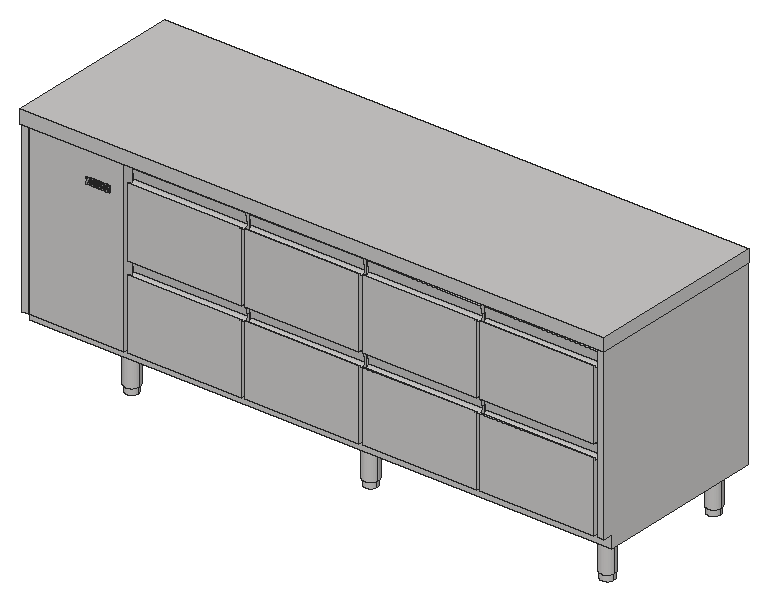
Revit family "QF_ZANUSSI_111063_ZH4HBBBBB", category Specialty Equipment, Revit 2018 (continued)
Definition of nested family "ZAN_Cooling Unit"
  Lines and regions (mm)
    Split face 128
      outline origin (55.016, 2, -281.14) x (0, 0, 1) y (-1, 0, 0)
        loop
          arc (510.649, 158.547) -> (506.648, 162.548) -> (502.647, 158.547) r 4.001
          line (502.647, 158.547) -> (502.647, 116.535)
          arc (502.647, 116.535) -> (506.648, 112.533) -> (510.649, 116.535) r 4.001
          line (510.649, 116.535) -> (510.649, 158.547)
    Split face 129
      outline origin (55.016, 2, -293.144) x (0, 0, 1) y (-1, 0, 0)
        loop
          arc (510.649, 158.547) -> (506.648, 162.548) -> (502.647, 158.547) r 4.001
          line (502.647, 158.547) -> (502.647, 116.535)
          arc (502.647, 116.535) -> (506.648, 112.533) -> (510.649, 116.535) r 4.001
          line (510.649, 116.535) -> (510.649, 158.547)
    Split face 130
      outline origin (110.032, 2, -113.091) x (0, 0, 1) y (-1, 0, 0)
        loop
          arc (510.649, 158.547) -> (506.648, 162.548) -> (502.647, 158.547) r 4.001
          line (502.647, 158.547) -> (502.647, 116.535)
          arc (502.647, 116.535) -> (506.648, 112.533) -> (510.649, 116.535) r 4.001
          line (510.649, 116.535) -> (510.649, 158.547)
    Split face 131
      outline origin (110.032, 2, -125.094) x (0, 0, 1) y (-1, 0, 0)
        loop
          arc (510.649, 158.547) -> (506.648, 162.548) -> (502.647, 158.547) r 4.001
          line (502.647, 158.547) -> (502.647, 116.535)
          arc (502.647, 116.535) -> (506.648, 112.533) -> (510.649, 116.535) r 4.001
          line (510.649, 116.535) -> (510.649, 158.547)
    Split face 132
      outline origin (110.032, 2, -137.098) x (0, 0, 1) y (-1, 0, 0)
        loop
          arc (510.649, 158.547) -> (506.648, 162.548) -> (502.647, 158.547) r 4.001
          line (502.647, 158.547) -> (502.647, 116.535)
          arc (502.647, 116.535) -> (506.648, 112.533) -> (510.649, 116.535) r 4.001
          line (510.649, 116.535) -> (510.649, 158.547)
    Split face 133
      outline origin (110.032, 2, -149.101) x (0, 0, 1) y (-1, 0, 0)
        loop
          arc (510.649, 158.547) -> (506.648, 162.548) -> (502.647, 158.547) r 4.001
          line (502.647, 158.547) -> (502.647, 116.535)
          arc (502.647, 116.535) -> (506.648, 112.533) -> (510.649, 116.535) r 4.001
          line (510.649, 116.535) -> (510.649, 158.547)
    Split face 134
      outline origin (110.032, 2, -161.105) x (0, 0, 1) y (-1, 0, 0)
        loop
          arc (510.649, 158.547) -> (506.648, 162.548) -> (502.647, 158.547) r 4.001
          line (502.647, 158.547) -> (502.647, 116.535)
          arc (502.647, 116.535) -> (506.648, 112.533) -> (510.649, 116.535) r 4.001
          line (510.649, 116.535) -> (510.649, 158.547)
    Split face 135
      outline origin (110.032, 2, -173.108) x (0, 0, 1) y (-1, 0, 0)
        loop
          arc (510.649, 158.547) -> (506.648, 162.548) -> (502.647, 158.547) r 4.001
          line (502.647, 158.547) -> (502.647, 116.535)
          arc (502.647, 116.535) -> (506.648, 112.533) -> (510.649, 116.535) r 4.001
          line (510.649, 116.535) -> (510.649, 158.547)
    Split face 136
      outline origin (110.032, 2, -185.112) x (0, 0, 1) y (-1, 0, 0)
        loop
          arc (510.649, 158.547) -> (506.648, 162.548) -> (502.647, 158.547) r 4.001
          line (502.647, 158.547) -> (502.647, 116.535)
          arc (502.647, 116.535) -> (506.648, 112.533) -> (510.649, 116.535) r 4.001
          line (510.649, 116.535) -> (510.649, 158.547)
    Split face 137
      outline origin (110.032, 2, -197.115) x (0, 0, 1) y (-1, 0, 0)
        loop
          arc (510.649, 158.547) -> (506.648, 162.548) -> (502.647, 158.547) r 4.001
          line (502.647, 158.547) -> (502.647, 116.535)
          arc (502.647, 116.535) -> (506.648, 112.533) -> (510.649, 116.535) r 4.001
          line (510.649, 116.535) -> (510.649, 158.547)
    Split face 138
      outline origin (110.032, 2, -209.119) x (0, 0, 1) y (-1, 0, 0)
        loop
          arc (510.649, 158.547) -> (506.648, 162.548) -> (502.647, 158.547) r 4.001
          line (502.647, 158.547) -> (502.647, 116.535)
          arc (502.647, 116.535) -> (506.648, 112.533) -> (510.649, 116.535) r 4.001
          line (510.649, 116.535) -> (510.649, 158.547)
    Split face 139
      outline origin (110.032, 2, -221.122) x (0, 0, 1) y (-1, 0, 0)
        loop
          arc (510.649, 158.547) -> (506.648, 162.548) -> (502.647, 158.547) r 4.001
          line (502.647, 158.547) -> (502.647, 116.535)
          arc (502.647, 116.535) -> (506.648, 112.533) -> (510.649, 116.535) r 4.001
          line (510.649, 116.535) -> (510.649, 158.547)
    Split face 140
      outline origin (110.032, 2, -233.126) x (0, 0, 1) y (-1, 0, 0)
        loop
          arc (510.649, 158.547) -> (506.648, 162.548) -> (502.647, 158.547) r 4.001
          line (502.647, 158.547) -> (502.647, 116.535)
          arc (502.647, 116.535) -> (506.648, 112.533) -> (510.649, 116.535) r 4.001
          line (510.649, 116.535) -> (510.649, 158.547)
    Split face 141
      outline origin (110.032, 2, -245.129) x (0, 0, 1) y (-1, 0, 0)
        loop
          arc (510.649, 158.547) -> (506.648, 162.548) -> (502.647, 158.547) r 4.001
          line (502.647, 158.547) -> (502.647, 116.535)
          arc (502.647, 116.535) -> (506.648, 112.533) -> (510.649, 116.535) r 4.001
          line (510.649, 116.535) -> (510.649, 158.547)
    Split face 142
      outline origin (110.032, 2, -257.133) x (0, 0, 1) y (-1, 0, 0)
        loop
          arc (510.649, 158.547) -> (506.648, 162.548) -> (502.647, 158.547) r 4.001
          line (502.647, 158.547) -> (502.647, 116.535)
          arc (502.647, 116.535) -> (506.648, 112.533) -> (510.649, 116.535) r 4.001
          line (510.649, 116.535) -> (510.649, 158.547)
    Split face 143
      outline origin (110.032, 2, -269.136) x (0, 0, 1) y (-1, 0, 0)
        loop
          arc (510.649, 158.547) -> (506.648, 162.548) -> (502.647, 158.547) r 4.001
          line (502.647, 158.547) -> (502.647, 116.535)
          arc (502.647, 116.535) -> (506.648, 112.533) -> (510.649, 116.535) r 4.001
          line (510.649, 116.535) -> (510.649, 158.547)
    Split face 144
      outline origin (110.032, 2, -281.14) x (0, 0, 1) y (-1, 0, 0)
        loop
          arc (510.649, 158.547) -> (506.648, 162.548) -> (502.647, 158.547) r 4.001
          line (502.647, 158.547) -> (502.647, 116.535)
          arc (502.647, 116.535) -> (506.648, 112.533) -> (510.649, 116.535) r 4.001
          line (510.649, 116.535) -> (510.649, 158.547)
    Split face 145
      outline origin (110.032, 2, -293.144) x (0, 0, 1) y (-1, 0, 0)
        loop
          arc (510.649, 158.547) -> (506.648, 162.548) -> (502.647, 158.547) r 4.001
          line (502.647, 158.547) -> (502.647, 116.535)
          arc (502.647, 116.535) -> (506.648, 112.533) -> (510.649, 116.535) r 4.001
          line (510.649, 116.535) -> (510.649, 158.547)
    Split face 146
      outline origin (165.048, 2, -113.091) x (0, 0, 1) y (-1, 0, 0)
        loop
          arc (510.649, 158.547) -> (506.648, 162.548) -> (502.647, 158.547) r 4.001
          line (502.647, 158.547) -> (502.647, 116.535)
          arc (502.647, 116.535) -> (506.648, 112.533) -> (510.649, 116.535) r 4.001
          line (510.649, 116.535) -> (510.649, 158.547)
    Split face 147
      outline origin (165.048, 2, -125.094) x (0, 0, 1) y (-1, 0, 0)
        loop
          arc (510.649, 158.547) -> (506.648, 162.548) -> (502.647, 158.547) r 4.001
          line (502.647, 158.547) -> (502.647, 116.535)
          arc (502.647, 116.535) -> (506.648, 112.533) -> (510.649, 116.535) r 4.001
          line (510.649, 116.535) -> (510.649, 158.547)
    Split face 148
      outline origin (165.048, 2, -137.098) x (0, 0, 1) y (-1, 0, 0)
        loop
          arc (510.649, 158.547) -> (506.648, 162.548) -> (502.647, 158.547) r 4.001
          line (502.647, 158.547) -> (502.647, 116.535)
          arc (502.647, 116.535) -> (506.648, 112.533) -> (510.649, 116.535) r 4.001
          line (510.649, 116.535) -> (510.649, 158.547)
    Split face 149
      outline origin (165.048, 2, -149.101) x (0, 0, 1) y (-1, 0, 0)
        loop
          arc (510.649, 158.547) -> (506.648, 162.548) -> (502.647, 158.547) r 4.001
          line (502.647, 158.547) -> (502.647, 116.535)
          arc (502.647, 116.535) -> (506.648, 112.533) -> (510.649, 116.535) r 4.001
          line (510.649, 116.535) -> (510.649, 158.547)
    Split face 150
      outline origin (165.048, 2, -161.105) x (0, 0, 1) y (-1, 0, 0)
        loop
          arc (510.649, 158.547) -> (506.648, 162.548) -> (502.647, 158.547) r 4.001
          line (502.647, 158.547) -> (502.647, 116.535)
          arc (502.647, 116.535) -> (506.648, 112.533) -> (510.649, 116.535) r 4.001
          line (510.649, 116.535) -> (510.649, 158.547)
    Split face 151
      outline origin (165.048, 2, -173.108) x (0, 0, 1) y (-1, 0, 0)
        loop
          arc (510.649, 158.547) -> (506.648, 162.548) -> (502.647, 158.547) r 4.001
          line (502.647, 158.547) -> (502.647, 116.535)
          arc (502.647, 116.535) -> (506.648, 112.533) -> (510.649, 116.535) r 4.001
          line (510.649, 116.535) -> (510.649, 158.547)
    Split face 152
      outline origin (165.048, 2, -185.112) x (0, 0, 1) y (-1, 0, 0)
        loop
          arc (510.649, 158.547) -> (506.648, 162.548) -> (502.647, 158.547) r 4.001
          line (502.647, 158.547) -> (502.647, 116.535)
          arc (502.647, 116.535) -> (506.648, 112.533) -> (510.649, 116.535) r 4.001
          line (510.649, 116.535) -> (510.649, 158.547)
    Split face 153
      outline origin (165.048, 2, -197.115) x (0, 0, 1) y (-1, 0, 0)
        loop
          arc (510.649, 158.547) -> (506.648, 162.548) -> (502.647, 158.547) r 4.001
          line (502.647, 158.547) -> (502.647, 116.535)
          arc (502.647, 116.535) -> (506.648, 112.533) -> (510.649, 116.535) r 4.001
          line (510.649, 116.535) -> (510.649, 158.547)
    Split face 154
      outline origin (165.048, 2, -209.119) x (0, 0, 1) y (-1, 0, 0)
        loop
          arc (510.649, 158.547) -> (506.648, 162.548) -> (502.647, 158.547) r 4.001
          line (502.647, 158.547) -> (502.647, 116.535)
          arc (502.647, 116.535) -> (506.648, 112.533) -> (510.649, 116.535) r 4.001
          line (510.649, 116.535) -> (510.649, 158.547)
    Split face 155
      outline origin (165.048, 2, -221.122) x (0, 0, 1) y (-1, 0, 0)
        loop
          arc (510.649, 158.547) -> (506.648, 162.548) -> (502.647, 158.547) r 4.001
          line (502.647, 158.547) -> (502.647, 116.535)
          arc (502.647, 116.535) -> (506.648, 112.533) -> (510.649, 116.535) r 4.001
          line (510.649, 116.535) -> (510.649, 158.547)
    Split face 156
      outline origin (165.048, 2, -233.126) x (0, 0, 1) y (-1, 0, 0)
        loop
          arc (510.649, 158.547) -> (506.648, 162.548) -> (502.647, 158.547) r 4.001
          line (502.647, 158.547) -> (502.647, 116.535)
          arc (502.647, 116.535) -> (506.648, 112.533) -> (510.649, 116.535) r 4.001
          line (510.649, 116.535) -> (510.649, 158.547)
    Split face 157
      outline origin (165.048, 2, -245.129) x (0, 0, 1) y (-1, 0, 0)
        loop
          arc (510.649, 158.547) -> (506.648, 162.548) -> (502.647, 158.547) r 4.001
          line (502.647, 158.547) -> (502.647, 116.535)
          arc (502.647, 116.535) -> (506.648, 112.533) -> (510.649, 116.535) r 4.001
          line (510.649, 116.535) -> (510.649, 158.547)
    Split face 158
      outline origin (165.048, 2, -257.133) x (0, 0, 1) y (-1, 0, 0)
        loop
          arc (510.649, 158.547) -> (506.648, 162.548) -> (502.647, 158.547) r 4.001
          line (502.647, 158.547) -> (502.647, 116.535)
          arc (502.647, 116.535) -> (506.648, 112.533) -> (510.649, 116.535) r 4.001
          line (510.649, 116.535) -> (510.649, 158.547)
    Split face 159
      outline origin (165.048, 2, -269.136) x (0, 0, 1) y (-1, 0, 0)
        loop
          arc (510.649, 158.547) -> (506.648, 162.548) -> (502.647, 158.547) r 4.001
          line (502.647, 158.547) -> (502.647, 116.535)
          arc (502.647, 116.535) -> (506.648, 112.533) -> (510.649, 116.535) r 4.001
          line (510.649, 116.535) -> (510.649, 158.547)
    Split face 160
      outline origin (165.048, 2, -281.14) x (0, 0, 1) y (-1, 0, 0)
        loop
          arc (510.649, 158.547) -> (506.648, 162.548) -> (502.647, 158.547) r 4.001
          line (502.647, 158.547) -> (502.647, 116.535)
          arc (502.647, 116.535) -> (506.648, 112.533) -> (510.649, 116.535) r 4.001
          line (510.649, 116.535) -> (510.649, 158.547)
    Split face 161
      outline origin (165.048, 2, -293.144) x (0, 0, 1) y (-1, 0, 0)
        loop
          arc (510.649, 158.547) -> (506.648, 162.548) -> (502.647, 158.547) r 4.001
          line (502.647, 158.547) -> (502.647, 116.535)
          arc (502.647, 116.535) -> (506.648, 112.533) -> (510.649, 116.535) r 4.001
          line (510.649, 116.535) -> (510.649, 158.547)
    Split face 162
      outline origin (220.064, 2, -113.091) x (0, 0, 1) y (-1, 0, 0)
        loop
          arc (510.649, 158.547) -> (506.648, 162.548) -> (502.647, 158.547) r 4.001
          line (502.647, 158.547) -> (502.647, 116.535)
          arc (502.647, 116.535) -> (506.648, 112.533) -> (510.649, 116.535) r 4.001
          line (510.649, 116.535) -> (510.649, 158.547)
    Split face 163
      outline origin (220.064, 2, -125.094) x (0, 0, 1) y (-1, 0, 0)
        loop
          arc (510.649, 158.547) -> (506.648, 162.548) -> (502.647, 158.547) r 4.001
          line (502.647, 158.547) -> (502.647, 116.535)
          arc (502.647, 116.535) -> (506.648, 112.533) -> (510.649, 116.535) r 4.001
          line (510.649, 116.535) -> (510.649, 158.547)
    Split face 164
      outline origin (220.064, 2, -137.098) x (0, 0, 1) y (-1, 0, 0)
        loop
          arc (510.649, 158.547) -> (506.648, 162.548) -> (502.647, 158.547) r 4.001
          line (502.647, 158.547) -> (502.647, 116.535)
          arc (502.647, 116.535) -> (506.648, 112.533) -> (510.649, 116.535) r 4.001
          line (510.649, 116.535) -> (510.649, 158.547)
    Split face 165
      outline origin (220.064, 2, -149.101) x (0, 0, 1) y (-1, 0, 0)
        loop
          arc (510.649, 158.547) -> (506.648, 162.548) -> (502.647, 158.547) r 4.001
          line (502.647, 158.547) -> (502.647, 116.535)
          arc (502.647, 116.535) -> (506.648, 112.533) -> (510.649, 116.535) r 4.001
          line (510.649, 116.535) -> (510.649, 158.547)
    Split face 166
      outline origin (220.064, 2, -161.105) x (0, 0, 1) y (-1, 0, 0)
        loop
          arc (510.649, 158.547) -> (506.648, 162.548) -> (502.647, 158.547) r 4.001
          line (502.647, 158.547) -> (502.647, 116.535)
          arc (502.647, 116.535) -> (506.648, 112.533) -> (510.649, 116.535) r 4.001
          line (510.649, 116.535) -> (510.649, 158.547)
    Split face 167
      outline origin (220.064, 2, -173.108) x (0, 0, 1) y (-1, 0, 0)
        loop
          arc (510.649, 158.547) -> (506.648, 162.548) -> (502.647, 158.547) r 4.001
          line (502.647, 158.547) -> (502.647, 116.535)
          arc (502.647, 116.535) -> (506.648, 112.533) -> (510.649, 116.535) r 4.001
          line (510.649, 116.535) -> (510.649, 158.547)
    Split face 168
      outline origin (220.064, 2, -185.112) x (0, 0, 1) y (-1, 0, 0)
        loop
          arc (510.649, 158.547) -> (506.648, 162.548) -> (502.647, 158.547) r 4.001
          line (502.647, 158.547) -> (502.647, 116.535)
          arc (502.647, 116.535) -> (506.648, 112.533) -> (510.649, 116.535) r 4.001
          line (510.649, 116.535) -> (510.649, 158.547)
    Split face 169
      outline origin (220.064, 2, -197.115) x (0, 0, 1) y (-1, 0, 0)
        loop
          arc (510.649, 158.547) -> (506.648, 162.548) -> (502.647, 158.547) r 4.001
          line (502.647, 158.547) -> (502.647, 116.535)
          arc (502.647, 116.535) -> (506.648, 112.533) -> (510.649, 116.535) r 4.001
          line (510.649, 116.535) -> (510.649, 158.547)
    Split face 170
      outline origin (220.064, 2, -209.119) x (0, 0, 1) y (-1, 0, 0)
        loop
          arc (510.649, 158.547) -> (506.648, 162.548) -> (502.647, 158.547) r 4.001
          line (502.647, 158.547) -> (502.647, 116.535)
          arc (502.647, 116.535) -> (506.648, 112.533) -> (510.649, 116.535) r 4.001
          line (510.649, 116.535) -> (510.649, 158.547)
    Split face 171
      outline origin (220.064, 2, -221.122) x (0, 0, 1) y (-1, 0, 0)
        loop
          arc (510.649, 158.547) -> (506.648, 162.548) -> (502.647, 158.547) r 4.001
          line (502.647, 158.547) -> (502.647, 116.535)
          arc (502.647, 116.535) -> (506.648, 112.533) -> (510.649, 116.535) r 4.001
          line (510.649, 116.535) -> (510.649, 158.547)
    Split face 172
      outline origin (220.064, 2, -233.126) x (0, 0, 1) y (-1, 0, 0)
        loop
          arc (510.649, 158.547) -> (506.648, 162.548) -> (502.647, 158.547) r 4.001
          line (502.647, 158.547) -> (502.647, 116.535)
          arc (502.647, 116.535) -> (506.648, 112.533) -> (510.649, 116.535) r 4.001
          line (510.649, 116.535) -> (510.649, 158.547)
    Split face 173
      outline origin (220.064, 2, -245.129) x (0, 0, 1) y (-1, 0, 0)
        loop
          arc (510.649, 158.547) -> (506.648, 162.548) -> (502.647, 158.547) r 4.001
          line (502.647, 158.547) -> (502.647, 116.535)
          arc (502.647, 116.535) -> (506.648, 112.533) -> (510.649, 116.535) r 4.001
          line (510.649, 116.535) -> (510.649, 158.547)
    Split face 174
      outline origin (220.064, 2, -257.133) x (0, 0, 1) y (-1, 0, 0)
        loop
          arc (510.649, 158.547) -> (506.648, 162.548) -> (502.647, 158.547) r 4.001
          line (502.647, 158.547) -> (502.647, 116.535)
          arc (502.647, 116.535) -> (506.648, 112.533) -> (510.649, 116.535) r 4.001
          line (510.649, 116.535) -> (510.649, 158.547)
    Split face 175
      outline origin (220.064, 2, -269.136) x (0, 0, 1) y (-1, 0, 0)
        loop
          arc (510.649, 158.547) -> (506.648, 162.548) -> (502.647, 158.547) r 4.001
          line (502.647, 158.547) -> (502.647, 116.535)
          arc (502.647, 116.535) -> (506.648, 112.533) -> (510.649, 116.535) r 4.001
          line (510.649, 116.535) -> (510.649, 158.547)
    Split face 176
      outline origin (220.064, 2, -281.14) x (0, 0, 1) y (-1, 0, 0)
        loop
          arc (510.649, 158.547) -> (506.648, 162.548) -> (502.647, 158.547) r 4.001
          line (502.647, 158.547) -> (502.647, 116.535)
          arc (502.647, 116.535) -> (506.648, 112.533) -> (510.649, 116.535) r 4.001
          line (510.649, 116.535) -> (510.649, 158.547)
    Split face 177
      outline origin (220.064, 2, -293.144) x (0, 0, 1) y (-1, 0, 0)
        loop
          arc (510.649, 158.547) -> (506.648, 162.548) -> (502.647, 158.547) r 4.001
          line (502.647, 158.547) -> (502.647, 116.535)
          arc (502.647, 116.535) -> (506.648, 112.533) -> (510.649, 116.535) r 4.001
          line (510.649, 116.535) -> (510.649, 158.547)
    Split face 178
      outline origin (275.081, 2, -113.091) x (0, 0, 1) y (-1, 0, 0)
        loop
          arc (510.649, 158.547) -> (506.648, 162.548) -> (502.647, 158.547) r 4.001
          line (502.647, 158.547) -> (502.647, 116.535)
          arc (502.647, 116.535) -> (506.648, 112.533) -> (510.649, 116.535) r 4.001
          line (510.649, 116.535) -> (510.649, 158.547)
    Split face 179
      outline origin (275.081, 2, -125.094) x (0, 0, 1) y (-1, 0, 0)
        loop
          arc (510.649, 158.547) -> (506.648, 162.548) -> (502.647, 158.547) r 4.001
          line (502.647, 158.547) -> (502.647, 116.535)
          arc (502.647, 116.535) -> (506.648, 112.533) -> (510.649, 116.535) r 4.001
          line (510.649, 116.535) -> (510.649, 158.547)
    Split face 180
      outline origin (275.081, 2, -137.098) x (0, 0, 1) y (-1, 0, 0)
        loop
          arc (510.649, 158.547) -> (506.648, 162.548) -> (502.647, 158.547) r 4.001
          line (502.647, 158.547) -> (502.647, 116.535)
          arc (502.647, 116.535) -> (506.648, 112.533) -> (510.649, 116.535) r 4.001
          line (510.649, 116.535) -> (510.649, 158.547)
    Split face 181
      outline origin (275.081, 2, -149.101) x (0, 0, 1) y (-1, 0, 0)
        loop
          arc (510.649, 158.547) -> (506.648, 162.548) -> (502.647, 158.547) r 4.001
          line (502.647, 158.547) -> (502.647, 116.535)
          arc (502.647, 116.535) -> (506.648, 112.533) -> (510.649, 116.535) r 4.001
          line (510.649, 116.535) -> (510.649, 158.547)
    Split face 182
      outline origin (275.081, 2, -161.105) x (0, 0, 1) y (-1, 0, 0)
        loop
          arc (510.649, 158.547) -> (506.648, 162.548) -> (502.647, 158.547) r 4.001
          line (502.647, 158.547) -> (502.647, 116.535)
          arc (502.647, 116.535) -> (506.648, 112.533) -> (510.649, 116.535) r 4.001
          line (510.649, 116.535) -> (510.649, 158.547)
    Split face 183
      outline origin (275.081, 2, -173.108) x (0, 0, 1) y (-1, 0, 0)
        loop
          arc (510.649, 158.547) -> (506.648, 162.548) -> (502.647, 158.547) r 4.001
          line (502.647, 158.547) -> (502.647, 116.535)
          arc (502.647, 116.535) -> (506.648, 112.533) -> (510.649, 116.535) r 4.001
          line (510.649, 116.535) -> (510.649, 158.547)
    Split face 184
      outline origin (275.081, 2, -185.112) x (0, 0, 1) y (-1, 0, 0)
        loop
          arc (510.649, 158.547) -> (506.648, 162.548) -> (502.647, 158.547) r 4.001
          line (502.647, 158.547) -> (502.647, 116.535)
          arc (502.647, 116.535) -> (506.648, 112.533) -> (510.649, 116.535) r 4.001
          line (510.649, 116.535) -> (510.649, 158.547)
    Split face 185
      outline origin (275.081, 2, -197.115) x (0, 0, 1) y (-1, 0, 0)
        loop
          arc (510.649, 158.547) -> (506.648, 162.548) -> (502.647, 158.547) r 4.001
          line (502.647, 158.547) -> (502.647, 116.535)
          arc (502.647, 116.535) -> (506.648, 112.533) -> (510.649, 116.535) r 4.001
          line (510.649, 116.535) -> (510.649, 158.547)
    Split face 186
      outline origin (275.081, 2, -209.119) x (0, 0, 1) y (-1, 0, 0)
        loop
          arc (510.649, 158.547) -> (506.648, 162.548) -> (502.647, 158.547) r 4.001
          line (502.647, 158.547) -> (502.647, 116.535)
          arc (502.647, 116.535) -> (506.648, 112.533) -> (510.649, 116.535) r 4.001
          line (510.649, 116.535) -> (510.649, 158.547)
    Split face 187
      outline origin (275.081, 2, -221.122) x (0, 0, 1) y (-1, 0, 0)
        loop
          arc (510.649, 158.547) -> (506.648, 162.548) -> (502.647, 158.547) r 4.001
          line (502.647, 158.547) -> (502.647, 116.535)
          arc (502.647, 116.535) -> (506.648, 112.533) -> (510.649, 116.535) r 4.001
          line (510.649, 116.535) -> (510.649, 158.547)
    Split face 188
      outline origin (275.081, 2, -233.126) x (0, 0, 1) y (-1, 0, 0)
        loop
          arc (510.649, 158.547) -> (506.648, 162.548) -> (502.647, 158.547) r 4.001
          line (502.647, 158.547) -> (502.647, 116.535)
          arc (502.647, 116.535) -> (506.648, 112.533) -> (510.649, 116.535) r 4.001
          line (510.649, 116.535) -> (510.649, 158.547)
    Split face 189
      outline origin (275.081, 2, -245.129) x (0, 0, 1) y (-1, 0, 0)
        loop
          arc (510.649, 158.547) -> (506.648, 162.548) -> (502.647, 158.547) r 4.001
          line (502.647, 158.547) -> (502.647, 116.535)
          arc (502.647, 116.535) -> (506.648, 112.533) -> (510.649, 116.535) r 4.001
          line (510.649, 116.535) -> (510.649, 158.547)
    Split face 190
      outline origin (275.081, 2, -257.133) x (0, 0, 1) y (-1, 0, 0)
        loop
          arc (510.649, 158.547) -> (506.648, 162.548) -> (502.647, 158.547) r 4.001
          line (502.647, 158.547) -> (502.647, 116.535)
          arc (502.647, 116.535) -> (506.648, 112.533) -> (510.649, 116.535) r 4.001
          line (510.649, 116.535) -> (510.649, 158.547)
    Split face 191
      outline origin (275.081, 2, -269.136) x (0, 0, 1) y (-1, 0, 0)
        loop
          arc (510.649, 158.547) -> (506.648, 162.548) -> (502.647, 158.547) r 4.001
          line (502.647, 158.547) -> (502.647, 116.535)
          arc (502.647, 116.535) -> (506.648, 112.533) -> (510.649, 116.535) r 4.001
          line (510.649, 116.535) -> (510.649, 158.547)
    Split face 192
      outline origin (275.081, 2, -281.14) x (0, 0, 1) y (-1, 0, 0)
        loop
          arc (510.649, 158.547) -> (506.648, 162.548) -> (502.647, 158.547) r 4.001
          line (502.647, 158.547) -> (502.647, 116.535)
          arc (502.647, 116.535) -> (506.648, 112.533) -> (510.649, 116.535) r 4.001
          line (510.649, 116.535) -> (510.649, 158.547)
    Split face 193
      outline origin (275.081, 2, -293.144) x (0, 0, 1) y (-1, 0, 0)
        loop
          arc (510.649, 158.547) -> (506.648, 162.548) -> (502.647, 158.547) r 4.001
          line (502.647, 158.547) -> (502.647, 116.535)
          arc (502.647, 116.535) -> (506.648, 112.533) -> (510.649, 116.535) r 4.001
          line (510.649, 116.535) -> (510.649, 158.547)
    Split face 194
      outline origin (0, 2, 197) x (0, 0, 1) y (-1, 0, 0)
        loop
          spline (566.835, 20.381) -> (564.628, 19.058) -> (561.987, 18.027) -> (558.955, 17.386) -> (555.581, 17.244) -> (551.912, 17.703) -> (547.993, 18.863) -> (543.871, 20.83) -> (539.591, 23.706) -> (535.202, 27.594) -> (530.748, 32.597) -> (526.28, 38.824) -> (521.835, 46.362)
        loop
          spline (521.835, 58.392) -> (525.386, 49.242) -> (529.197, 41.481) -> (533.2, 35.023) -> (537.329, 29.786) -> (541.516, 25.684) -> (545.695, 22.634) -> (549.798, 20.552) -> (553.759, 19.355) -> (557.511, 18.958) -> (560.984, 19.275) -> (564.115, 20.227) -> (566.835, 21.726)
    Split face 195
      outline origin (0, 2, 197) x (0, 0, 1) y (-1, 0, 0)
        loop
          line (555.835, 149.5) -> (532.835, 149.5) -> (532.835, 94.5) -> (555.835, 94.5) -> (555.835, 149.5)
  Dimensions and locks
    aligned and locked: level to plane 2
  Nested families
    nested 1: "ZAN_Logo_S_Grey" at (85, 2, 741.213) x (1, 0, 0) z (0, -1, 0), visible <- "Show Logo", type "ZAN_Logo_S_Grey"
  Definition of nested family "ZAN_Logo_S_Grey"
    Parameters
      Default Elevation = 0 mm
    Reference planes
      plane 1 "Centro (Fronte/Retro)": y = 0
      plane 2: z = 0
      plane 3 "Centro (Sinistra/Destra)": x = 0
    Forms (mm)
      Extrusion 1, solid
        sketch origin (0, 0, 0) x (1, 0, 0) y (0, 1, 0)
          loop
            line (-1219.2, 1219.2) -> (-1219.2, -1219.2) -> (1219.2, -1219.2) -> (1219.2, 1219.2) -> (-1219.2, 1219.2)
        from 0 to -304.8
      Extrusion 2, solid
        sketch origin (17.793, -46.218, 0) x (-1, 0, 0) y (0, -1, 0)
          loop
            spline (-4.176, -58.079) -> (-3.496, -58.328) -> (-2.793, -58.512) -> (-2.075, -58.63) -> (-1.348, -58.682) -> (-0.619, -58.669) -> (0.106, -58.588) -> (0.818, -58.44) -> (1.512, -58.225) -> (2.18, -57.941) -> (2.817, -57.589) -> (3.414, -57.167) -> (3.966, -56.676)
            spline (3.966, -56.676) -> (4.293, -56.162) -> (4.575, -55.61) -> (4.81, -55.026) -> (5, -54.419) -> (5.146, -53.797) -> (5.247, -53.166) -> (5.304, -52.536) -> (5.318, -51.913) -> (5.288, -51.306) -> (5.217, -50.723) -> (5.103, -50.17) -> (4.949, -49.657)
            line (4.949, -49.657) -> (2.702, -46.428) -> (0.316, -44.323)
            spline (0.316, -44.323) -> (0.065, -44.115) -> (-0.195, -43.909) -> (-0.46, -43.704) -> (-0.729, -43.496) -> (-0.997, -43.282) -> (-1.263, -43.059) -> (-1.523, -42.825) -> (-1.774, -42.576) -> (-2.013, -42.309) -> (-2.238, -42.022) -> (-2.445, -41.712) -> (-2.632, -41.375)
            spline (-2.632, -41.375) -> (-2.666, -41.159) -> (-2.697, -40.934) -> (-2.722, -40.701) -> (-2.736, -40.465) -> (-2.736, -40.227) -> (-2.72, -39.989) -> (-2.682, -39.754) -> (-2.621, -39.524) -> (-2.533, -39.302) -> (-2.414, -39.091) -> (-2.261, -38.892) -> (-2.07, -38.708)
            line (-2.07, -38.708) -> (-0.245, -38.567)
            spline (-0.245, -38.567) -> (0.096, -38.8) -> (0.354, -39.074) -> (0.54, -39.381) -> (0.664, -39.716) -> (0.738, -40.073) -> (0.772, -40.445) -> (0.777, -40.825) -> (0.763, -41.208) -> (0.742, -41.588) -> (0.723, -41.957) -> (0.718, -42.309) -> (0.737, -42.638)
            line (0.737, -42.638) -> (5.65, -42.638)
            spline (5.65, -42.638) -> (5.708, -42.042) -> (5.741, -41.448) -> (5.747, -40.857) -> (5.723, -40.273) -> (5.668, -39.696) -> (5.58, -39.129) -> (5.457, -38.574) -> (5.297, -38.032) -> (5.098, -37.506) -> (4.857, -36.997) -> (4.574, -36.508) -> (4.247, -36.041)
            spline (4.247, -36.041) -> (3.844, -35.675) -> (3.409, -35.35) -> (2.946, -35.065) -> (2.458, -34.819) -> (1.949, -34.612) -> (1.421, -34.444) -> (0.88, -34.314) -> (0.326, -34.221) -> (-0.234, -34.165) -> (-0.8, -34.146) -> (-1.366, -34.163) -> (-1.93, -34.216)
            spline (-1.93, -34.216) -> (-2.526, -34.309) -> (-3.116, -34.448) -> (-3.695, -34.633) -> (-4.259, -34.861) -> (-4.801, -35.131) -> (-5.316, -35.444) -> (-5.799, -35.798) -> (-6.245, -36.191) -> (-6.648, -36.624) -> (-7.002, -37.095) -> (-7.303, -37.603) -> (-7.545, -38.146)
            spline (-7.545, -38.146) -> (-7.694, -38.815) -> (-7.792, -39.487) -> (-7.839, -40.158) -> (-7.836, -40.824) -> (-7.785, -41.482) -> (-7.685, -42.129) -> (-7.539, -42.762) -> (-7.347, -43.377) -> (-7.111, -43.97) -> (-6.83, -44.538) -> (-6.506, -45.078) -> (-6.141, -45.586)
            line (-6.141, -45.586) -> (-0.526, -50.64) -> (0.176, -51.482)
            spline (0.176, -51.482) -> (0.248, -51.66) -> (0.323, -51.843) -> (0.397, -52.03) -> (0.467, -52.22) -> (0.529, -52.412) -> (0.579, -52.605) -> (0.615, -52.798) -> (0.633, -52.989) -> (0.63, -53.179) -> (0.601, -53.366) -> (0.545, -53.55) -> (0.456, -53.728)
            spline (0.456, -53.728) -> (0.375, -53.892) -> (0.273, -54.034) -> (0.154, -54.155) -> (0.02, -54.258) -> (-0.126, -54.343) -> (-0.28, -54.412) -> (-0.441, -54.466) -> (-0.604, -54.508) -> (-0.767, -54.537) -> (-0.928, -54.556) -> (-1.082, -54.567) -> (-1.228, -54.57)
            line (-1.228, -54.57) -> (-2.632, -53.587) -> (-2.772, -50.64) -> (-7.405, -50.64)
            spline (-7.405, -50.64) -> (-7.41, -51.031) -> (-7.423, -51.432) -> (-7.44, -51.839) -> (-7.456, -52.251) -> (-7.469, -52.665) -> (-7.475, -53.079) -> (-7.468, -53.489) -> (-7.446, -53.894) -> (-7.404, -54.291) -> (-7.339, -54.679) -> (-7.247, -55.053) -> (-7.123, -55.412)
            spline (-7.123, -55.412) -> (-6.999, -55.693) -> (-6.837, -55.97) -> (-6.643, -56.244) -> (-6.422, -56.509) -> (-6.177, -56.765) -> (-5.913, -57.009) -> (-5.634, -57.238) -> (-5.346, -57.45) -> (-5.051, -57.643) -> (-4.755, -57.814) -> (-4.462, -57.96) -> (-4.176, -58.079)
          loop
            spline (-21.021, -55.552) -> (-20.633, -56.181) -> (-20.177, -56.736) -> (-19.661, -57.217) -> (-19.092, -57.627) -> (-18.478, -57.966) -> (-17.827, -58.237) -> (-17.147, -58.441) -> (-16.446, -58.578) -> (-15.73, -58.652) -> (-15.009, -58.662) -> (-14.29, -58.611) -> (-13.581, -58.5)
            spline (-13.581, -58.5) -> (-13.088, -58.407) -> (-12.595, -58.269) -> (-12.109, -58.088) -> (-11.636, -57.866) -> (-11.183, -57.605) -> (-10.756, -57.307) -> (-10.361, -56.974) -> (-10.004, -56.608) -> (-9.692, -56.211) -> (-9.431, -55.784) -> (-9.228, -55.33) -> (-9.089, -54.851)
            spline (-9.089, -54.851) -> (-8.873, -54.211) -> (-8.715, -53.559) -> (-8.615, -52.901) -> (-8.574, -52.241) -> (-8.592, -51.585) -> (-8.668, -50.938) -> (-8.802, -50.306) -> (-8.995, -49.693) -> (-9.247, -49.106) -> (-9.557, -48.55) -> (-9.925, -48.03) -> (-10.352, -47.551)
            line (-10.352, -47.551) -> (-15.546, -42.919) -> (-16.669, -41.234)
            spline (-16.669, -41.234) -> (-16.704, -41.021) -> (-16.735, -40.804) -> (-16.761, -40.583) -> (-16.778, -40.361) -> (-16.784, -40.139) -> (-16.774, -39.919) -> (-16.748, -39.701) -> (-16.7, -39.488) -> (-16.63, -39.28) -> (-16.533, -39.08) -> (-16.406, -38.889) -> (-16.248, -38.708)
            line (-16.248, -38.708) -> (-14.844, -38.427)
            spline (-14.844, -38.427) -> (-14.347, -38.545) -> (-13.969, -38.749) -> (-13.695, -39.028) -> (-13.508, -39.368) -> (-13.393, -39.757) -> (-13.335, -40.182) -> (-13.318, -40.63) -> (-13.326, -41.089) -> (-13.344, -41.546) -> (-13.356, -41.988) -> (-13.347, -42.403) -> (-13.3, -42.779)
            line (-13.3, -42.779) -> (-8.387, -42.638)
            spline (-8.387, -42.638) -> (-8.326, -42.034) -> (-8.288, -41.417) -> (-8.277, -40.794) -> (-8.299, -40.169) -> (-8.357, -39.548) -> (-8.457, -38.936) -> (-8.604, -38.339) -> (-8.803, -37.762) -> (-9.058, -37.21) -> (-9.375, -36.689) -> (-9.758, -36.204) -> (-10.212, -35.76)
            spline (-10.212, -35.76) -> (-10.793, -35.336) -> (-11.409, -34.976) -> (-12.054, -34.679) -> (-12.723, -34.445) -> (-13.409, -34.273) -> (-14.107, -34.163) -> (-14.811, -34.115) -> (-15.515, -34.127) -> (-16.213, -34.2) -> (-16.899, -34.333) -> (-17.568, -34.526) -> (-18.213, -34.777)
            spline (-18.213, -34.777) -> (-18.496, -34.897) -> (-18.783, -35.044) -> (-19.071, -35.216) -> (-19.357, -35.412) -> (-19.639, -35.629) -> (-19.915, -35.865) -> (-20.182, -36.119) -> (-20.438, -36.389) -> (-20.681, -36.672) -> (-20.907, -36.967) -> (-21.115, -37.272) -> (-21.301, -37.585)
            spline (-21.301, -37.585) -> (-21.55, -38.26) -> (-21.734, -38.948) -> (-21.854, -39.647) -> (-21.91, -40.351) -> (-21.901, -41.057) -> (-21.828, -41.761) -> (-21.69, -42.459) -> (-21.489, -43.148) -> (-21.222, -43.823) -> (-20.892, -44.48) -> (-20.497, -45.116) -> (-20.038, -45.726)
            line (-20.038, -45.726) -> (-14.142, -51.061) -> (-13.44, -52.886) -> (-14.002, -54.289) -> (-15.265, -54.57) -> (-16.669, -53.587) -> (-16.81, -50.78) -> (-21.582, -50.64)
            spline (-21.582, -50.64) -> (-21.558, -51.063) -> (-21.55, -51.491) -> (-21.554, -51.92) -> (-21.561, -52.35) -> (-21.567, -52.778) -> (-21.565, -53.201) -> (-21.547, -53.619) -> (-21.509, -54.029) -> (-21.444, -54.43) -> (-21.345, -54.818) -> (-21.206, -55.193) -> (-21.021, -55.552)
          loop
            line (-22.424, -34.216) -> (-27.337, -34.216) -> (-27.337, -58.22) -> (-22.424, -58.22) -> (-22.424, -34.216)
          loop
            line (14.213, -39.971) -> (14.213, -58.22) -> (19.126, -58.22) -> (19.126, -42.077) -> (18.845, -38.146) -> (18.424, -37.164) -> (17.442, -35.9) -> (16.459, -35.199) -> (14.494, -34.356) -> (13.511, -34.216) -> (11.265, -34.216) -> (10.142, -34.497) -> (8.458, -35.479) -> (6.493, -38.287) -> (6.352, -39.269) -> (6.352, -58.22) -> (11.265, -58.22) -> (11.265, -40.392) -> (11.827, -39.129) -> (13.371, -38.988) -> (14.213, -39.971)
          loop
            line (20.249, -58.22) -> (24.741, -58.22) -> (24.741, -42.919) -> (28.812, -58.22) -> (34.006, -58.22) -> (34.006, -34.216) -> (29.654, -34.216) -> (29.654, -50.078) -> (25.583, -34.216) -> (20.249, -34.216) -> (20.249, -58.22)
          loop
            line (50.149, -58.22) -> (62.361, -58.22) -> (62.361, -53.728) -> (55.904, -53.868) -> (62.923, -39.129) -> (62.923, -34.216) -> (50.149, -34.216) -> (50.149, -39.129) -> (57.517, -39.129) -> (50.149, -54.149) -> (50.149, -58.22)
          loop
            line (38.778, -58.22) -> (45.516, -58.22) -> (49.868, -34.216) -> (44.814, -34.216) -> (44.113, -38.848) -> (40.042, -38.848) -> (39.34, -34.216) -> (34.286, -34.216) -> (38.778, -58.22)
          loop
            line (43.551, -43.2) -> (40.744, -43.2) -> (42.147, -54.117) -> (43.551, -43.2)
        from 0 to 1.644
    Dimensions and locks
      aligned and locked: plane 2 to Extrusion 1
      aligned and locked: level to Extrusion 1
Definition of nested family "Refrigerator"
  Reference planes
    plane 1 "Center (Front/Back)": y = 0
    plane 2: z = 0
    plane 3 "Center (Left/Right)": x = 0
  Lines and regions (mm)
    detail lines, in view "Ref. Level"
      curve 1: spline (-500, 190, 0) -> (-493.185, 166.706, 0) -> (-473.205, 145, 0) -> (-441.421, 126.36, 0) -> (-400, 112.058, 0) -> (-351.764, 103.067, 0) -> (-300, 100, 0) -> (-248.236, 103.067, 0) -> (-200, 112.058, 0) -> (-158.579, 126.36, 0) -> (-126.795, 145, 0) -> (-106.815, 166.706, 0) -> (-100, 190, 0) -> (-106.815, 213.294, 0) -> (-126.795, 235, 0) -> (-158.579, 253.64, 0) -> (-200, 267.942, 0) -> (-248.236, 276.933, 0) -> (-300, 280, 0) -> (-351.764, 276.933, 0) -> (-400, 267.942, 0) -> (-441.421, 253.64, 0) -> (-473.205, 235, 0) -> (-493.185, 213.294, 0) -> (-500, 190, 0)
      curve 2: line (-300, 130, 0) -> (-300, 250, 0)
      curve 3: line (-351.962, 220, 0) -> (-248.038, 160, 0)
      curve 4: line (-351.962, 160, 0) -> (-248.038, 220, 0)
      curve 5: line (-280.884, 246.873, 0) -> (-300, 225, 0)
      curve 6: line (-300, 225, 0) -> (-319.116, 246.873, 0)
      curve 7: line (-330.311, 207.5, 0) -> (-339.696, 234.992, 0)
      curve 8: line (-358.812, 201.882, 0) -> (-330.311, 207.5, 0)
      curve 9: line (-330.311, 172.5, 0) -> (-358.812, 178.118, 0)
      curve 10: line (-339.696, 145.008, 0) -> (-330.311, 172.5, 0)
      curve 11: line (-300, 155, 0) -> (-319.116, 133.127, 0)
      curve 12: line (-280.884, 133.127, 0) -> (-300, 155, 0)
      curve 13: line (-269.689, 172.5, 0) -> (-260.304, 145.008, 0)
      curve 14: line (-241.188, 178.118, 0) -> (-269.689, 172.5, 0)
      curve 15: line (-269.689, 207.5, 0) -> (-241.188, 201.882, 0)
      curve 16: line (-260.304, 234.992, 0) -> (-269.689, 207.5, 0)
